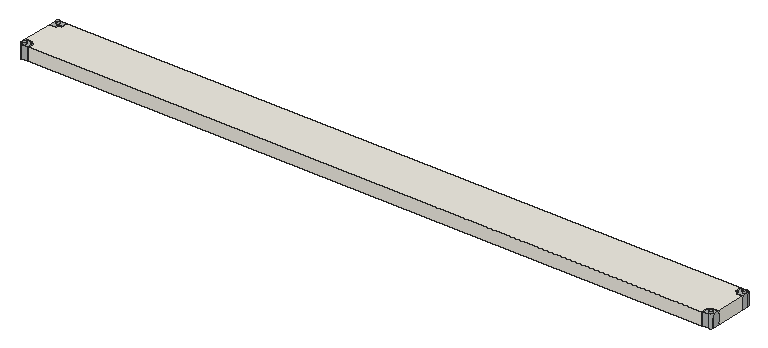
Revit family "HIGHTECH", category Осветительные приборы, Revit 2019 (continued)
Types (32, lengths in mm): name | Файл фотометрической сетки | built-in parameter 1150105 | Lumens | built-in parameter 1150106 | built-in parameter 1150142 | Wattage | Emit from Rectangle Width | Emit from Rectangle Length | Длина | Ширина | ADSK_Ток | ADSK_Полная мощность | ADSK_Обозначение | ADSK_Номинальная мощность | ADSK_Наименование | ADSK_Масса | ADSK_Код изделия
    .143 760.717 718.389 675.666 632.549 589.038 545.723 502.310 459.390 416.569 373.550 331.617 290.474 250.119 210.948 172.863 \r\n134.679 100.541 68.178 37.591 9.669 0.592 0.592 0.592 0.493 0.493 0.493 0.493 0.493 0.493 0.493 0.493 0.395 0.395 0.395 0.395 0.395 0.395 0.395 0.296 0.296 0.296 0.296 0.296 0.296 0.296 0.296 0.197 \r\n0.197 0.197 0.197 0.197 0.197 0.197 0.197 0.098 0.098 0.098 0.098 0.098 0.098 0.098 0.098 0.000 0.000 0.000 0.000 \r\n1417.637 1416.551 1412.309 1405.895 1396.621 1385.373 1371.559 1354.786 1336.237 1315.419 1292.232 1266.875 1239.742 1210.733 1179.851 1147.390 1113.942 1078.816 \r\n1042.310 1004.521 966.238 926.279 886.121 844.879 803.834 761.408 719.080 676.357 633.240 589.728 546.315 502.902 459.982 417.062 374.043 332.110 290.967 250.513 211.343 173.258 \r\n135.074 100.837 68.376 37.888 9.965 0.592 0.592 0.592 0.493 0.493 0.493 0.493 0.493 0.493 0.493 0.493 0.395 0.395 0.395 0.395 0.395 0.395 0.395 0.296 0.296 0.296 0.296 0.296 0.296 0.296 0.296 0.197 \r\n0.197 0.197 0.197 0.197 0.197 0.197 0.197 0.098 0.098 0.098 0.098 0.098 0.098 0.098 0.098 0.000 0.000 0.000 0.000 \r\n1417.637 1416.650 1412.407 1406.093 1396.917 1385.669 1371.954 1355.181 1336.632 1315.912 1292.725 1267.368 1240.334 1211.325 1180.443 1147.982 1114.633 1079.409 \r\n1042.903 1005.212 966.929 926.969 886.812 845.569 804.524 762.098 719.770 677.048 633.832 590.320 546.907 503.494 460.574 417.654 374.636 332.603 291.460 250.908 211.738 173.653 \r\n135.371 101.133 68.671 38.086 10.163 0.592 0.592 0.592 0.493 0.493 0.493 0.493 0.493 0.493 0.493 0.493 0.395 0.395 0.395 0.395 0.395 0.395 0.395 0.296 0.296 0.296 0.296 0.296 0.296 0.296 0.296 0.197 \r\n0.197 0.197 0.197 0.197 0.197 0.197 0.197 0.098 0.098 0.098 0.098 0.098 0.098 0.098 0.098 0.000 0.000 0.000 0.000 \r\n1417.637 1416.650 1412.506 1406.191 1397.114 1385.866 1372.250 1355.576 1337.027 1316.307 1293.218 1267.861 1240.827 1211.918 1181.035 1148.672 1115.225 1080.099 \r\n1043.593 1005.902 967.620 927.660 887.503 846.260 805.215 762.789 720.461 677.739 634.523 591.011 547.598 504.086 461.166 418.247 375.129 333.098 291.855 251.401 212.132 173.948 \r\n135.666 101.429 68.968 38.381 10.360 0.592 0.592 0.592 0.493 0.493 0.493 0.493 0.493 0.493 0.493 0.493 0.395 0.395 0.395 0.395 0.395 0.395 0.395 0.296 0.296 0.296 0.296 0.296 0.296 0.296 0.296 0.197 \r\n0.197 0.197 0.197 0.197 0.197 0.197 0.197 0.098 0.098 0.098 0.098 0.098 0.098 0.098 0.098 0.000 0.000 0.000 0.000 \r\n1417.637 1416.650 1412.604 1406.389 1397.311 1386.162 1372.546 1355.871 1337.421 1316.701 1293.613 1268.355 1241.320 1212.411 1181.627 1149.265 1115.816 1080.691 \r\n1044.284 1006.593 968.212 928.351 888.194 846.951 805.906 763.479 721.151 678.429 635.213 591.702 548.190 504.777 461.758 418.740 375.721 333.591 292.348 251.796 212.527 174.343 \r\n135.962 101.627 69.165 38.579 10.557 0.592 0.592 0.592 0.493 0.493 0.493 0.493 0.493 0.493 0.493 0.395 0.395 0.395 0.395 0.395 0.395 0.395 0.395 0.296 0.296 0.296 0.296 0.296 0.296 0.296 0.296 0.197 \r\n0.197 0.197 0.197 0.197 0.197 0.197 0.197 0.098 0.098 0.098 0.098 0.098 0.098 0.098 0.098 0.000 0.000 0.000 0.000 \r\n1417.637 1416.749 1412.704 1406.586 1397.607 1386.458 1372.941 1356.266 1337.815 1317.095 1294.106 1268.848 1241.813 1213.003 1182.219 1149.856 1116.409 1081.382 \r\n1044.876 1007.283 968.902 929.042 888.885 847.642 806.597 764.170 721.843 679.120 635.806 592.293 548.881 505.368 462.351 419.332 376.214 334.084 292.841 252.191 212.922 174.738 \r\n136.357 101.922 69.461 38.776 10.853 0.592 0.592 0.592 0.493 0.493 0.493 0.493 0.493 0.493 0.493 0.395 0.395 0.395 0.395 0.395 0.395 0.395 0.395 0.296 0.296 0.296 0.296 0.296 0.296 0.296 0.296 0.197 \r\n0.197 0.197 0.197 0.197 0.197 0.197 0.197 0.098 0.098 0.098 0.098 0.098 0.098 0.098 0.098 0.000 0.000 0.000 0.000 \r\n1417.637 1416.749 1412.802 1406.684 1397.805 1386.754 1373.237 1356.661 1338.210 1317.589 1294.599 1269.341 1242.406 1213.496 1182.811 1150.448 1117.099 1081.974 \r\n1045.566 1007.974 969.593 929.732 889.575 848.333 807.287 764.861 722.533 679.712 636.496 592.985 549.472 505.960 462.942 419.825 376.707 334.577 293.236 252.684 213.317 175.034 \r\n136.652 102.218 69.659 39.072 11.051 0.592 0.592 0.592 0.493 0.493 0.493 0.493 0.493 0.493 0.493 0.395 0.395 0.395 0.395 0.395 0.395 0.395 0.395 0.296 0.296 0.296 0.296 0.296 0.296 0.296 0.296 0.197 \r\n0.197 0.197 0.197 0.197 0.197 0.197 0.197 0.098 0.098 0.098 0.098 0.098 0.098 0.098 0.098 0.000 0.000 0.000 0.000 \r\n1417.637 1416.848 1412.901 1406.882 1398.002 1387.051 1373.533 1356.957 1338.605 1317.983 1294.994 1269.834 1242.899 1214.089 1183.403 1151.041 1117.692 1082.665 \r\n1046.257 1008.566 970.284 930.423 890.266 849.121 807.978 765.552 723.224 680.403 637.187 593.675 550.163 506.553 463.534 420.416 377.300 335.071 293.729 253.079 213.712 175.429 \r\n136.949 102.515 69.954 39.269 11.248 0.592 0.592 0.592 0.493 0.493 0.493 0.493 0.493 0.493 0.493 0.395 0.395 0.395 0.395 0.395 0.395 0.395 0.395 0.296 0.296 0.296 0.296 0.296 0.296 0.296 0.296 0.197 \r\n0.197 0.197 0.197 0.197 0.197 0.197 0.197 0.098 0.098 0.098 0.098 0.098 0.098 0.098 0.098 0.000 0.000 0.000 0.000 \r\n1417.637 1416.848 1412.999 1407.079 1398.298 1387.247 1373.829 1357.352 1339.000 1318.378 1295.488 1270.327 1243.392 1214.680 1183.995 1151.731 1118.283 1083.257 \r\n1046.849 1009.257 970.975 931.113 891.055 849.813 808.668 766.242 723.914 681.093 637.779 594.266 550.755 507.145 464.126 421.009 377.793 335.564 294.222 253.474 214.105 175.823 \r\n137.343 102.810 70.250 39.467 11.445 0.592 0.592 0.592 0.493 0.493 0.493 0.493 0.493 0.493 0.493 0.395 0.395 0.395 0.395 0.395 0.395 0.395 0.395 0.296 0.296 0.296 0.296 0.296 0.296 0.296 0.296 0.197 \r\n0.197 0.197 0.197 0.197 0.197 0.197 0.197 0.098 0.098 0.098 0.098 0.098 0.098 0.098 0.098 0.000 0.000 0.000 0.000 \r\n1417.637 1416.946 1413.098 1407.178 1398.495 1387.544 1374.223 1357.747 1339.395 1318.773 1295.882 1270.822 1243.886 1215.174 1184.587 1152.323 1118.974 1083.848 \r\n1047.540 1009.947 971.665 931.903 891.746 850.503 809.359 766.933 724.507 681.784 638.470 594.958 551.445 507.836 464.718 421.502 378.287 336.057 294.617 253.967 214.500 176.119 \r\n137.640 103.106 70.447 39.762 11.741 0.592 0.592 0.592 0.493 0.493 0.493 0.493 0.493 0.493 0.493 0.395 0.395 0.395 0.395 0.395 0.395 0.395 0.395 0.296 0.296 0.296 0.296 0.296 0.296 0.296 0.296 0.197 \r\n0.197 0.197 0.197 0.197 0.197 0.197 0.197 0.098 0.098 0.098 0.098 0.098 0.098 0.098 0.098 0.000 0.000 0.000 0.000 \r\n1417.637 1416.946 1413.197 1407.376 1398.693 1387.839 1374.520 1358.042 1339.789 1319.168 1296.376 1271.315 1244.477 1215.765 1185.179 1152.915 1119.566 1084.539 \r\n1048.230 1010.638 972.356 932.594 892.436 851.194 810.050 767.623 725.197 682.474 639.160 595.649 552.038 508.427 465.310 422.094 378.878 336.550 295.111 254.362 214.895 176.514 \r\n137.935 103.403 70.744 39.960 11.939 0.592 0.592 0.592 0.493 0.493 0.493 0.493 0.493 0.493 0.493 0.395 0.395 0.395 0.395 0.395 0.395 0.395 0.395 0.296 0.296 0.296 0.296 0.296 0.296 0.296 0.296 0.197 \r\n0.197 0.197 0.197 0.197 0.197 0.197 0.197 0.098 0.098 0.098 0.098 0.098 0.098 0.098 0.098 0.000 0.000 0.000 0.000 \r\n1417.637 1417.044 1413.295 1407.474 1398.890 1388.135 1374.815 1358.437 1340.184 1319.661 1296.869 1271.808 1244.971 1216.258 1185.673 1153.507 1120.158 1085.131 \r\n1048.823 1011.329 973.046 933.284 893.127 851.884 810.741 768.314 725.888 683.165 639.752 596.240 552.728 509.019 465.902 422.686 379.371 337.044 295.505 254.757 215.388 176.909 \r\n138.232 103.698 70.942 40.157 12.136 0.592 0.592 0.592 0.493 0.493 0.493 0.493 0.493 0.493 0.493 0.395 0.395 0.395 0.395 0.395 0.395 0.395 0.395 0.296 0.296 0.296 0.296 0.296 0.296 0.296 0.296 0.197 \r\n0.197 0.197 0.197 0.197 0.197 0.197 0.197 0.098 0.098 0.098 0.098 0.098 0.098 0.098 0.098 0.000 0.000 0.000 0.000 \r\n1417.637 1417.044 1413.394 1407.671 1399.187 1388.333 1375.111 1358.832 1340.578 1320.056 1297.264 1272.301 1245.464 1216.851 1186.264 1154.099 1120.849 1085.822 \r\n1049.513 1012.020 973.737 933.975 893.818 852.575 811.432 769.004 726.578 683.855 640.443 596.930 553.321 509.611 466.494 423.180 379.964 337.537 295.999 255.250 215.783 177.304 \r\n138.626 103.994 71.237 40.453 12.333 0.592 0.592 0.592 0.493 0.493 0.493 0.493 0.493 0.493 0.493 0.395 0.395 0.395 0.395 0.395 0.395 0.395 0.395 0.296 0.296 0.296 0.296 0.296 0.296 0.296 0.296 0.197 \r\n0.197 0.197 0.197 0.197 0.197 0.197 0.197 0.098 0.098 0.098 0.098 0.098 0.098 0.098 0.098 0.000 0.000 0.000 0.000 \r\n1417.637 1417.143 1413.492 1407.869 1399.383 1388.629 1375.506 1359.226 1340.973 1320.451 1297.757 1272.795 1246.056 1217.443 1186.856 1154.790 1121.441 1086.414 \r\n1050.204 1012.711 974.428 934.665 894.508 853.365 812.122 769.695 727.269 684.448 641.134 597.523 554.011 510.203 467.086 423.772 380.457 338.031 296.492 255.645 216.178 177.599 \r\n138.922 104.291 71.533 40.650 12.629 0.592 0.592 0.592 0.493 0.493 0.493 0.493 0.493 0.493 0.493 0.395 0.395 0.395 0.395 0.395 0.395 0.395 0.395 0.296 0.296 0.296 0.296 0.296 0.296 0.296 0.296 0.197 \r\n0.197 0.197 0.197 0.197 0.197 0.197 0.197 0.098 0.098 0.098 0.098 0.098 0.098 0.098 0.098 0.000 0.000 0.000 0.000 \r\n1417.637 1417.143 1413.592 1407.967 1399.580 1388.925 1375.803 1359.523 1341.367 1320.845 1298.250 1273.288 1246.550 1217.936 1187.448 1155.382 1122.032 1087.105 \r\n1050.894 1013.401 975.119 935.356 895.199 854.055 812.813 770.386 727.959 685.138 641.725 598.213 554.603 510.795 467.678 424.265 380.951 338.524 296.887 256.038 216.573 177.994 \r\n139.218 104.586 71.730 40.848 12.826 0.592 0.592 0.493 0.493 0.493 0.493 0.493 0.493 0.493 0.493 0.395 0.395 0.395 0.395 0.395 0.395 0.395 0.395 0.296 0.296 0.296 0.296 0.296 0.296 0.296 0.296 0.197 \r\n0.197 0.197 0.197 0.197 0.197 0.197 0.197 0.098 0.098 0.098 0.098 0.098 0.098 0.098 0.098 0.000 0.000 0.000 0.000 \r\n1417.637 1417.242 1413.690 1408.165 1399.877 1389.220 1376.098 1359.917 1341.762 1321.339 1298.645 1273.781 1247.043 1218.528 1188.041 1155.974 1122.723 1087.697 \r\n1051.487 1013.993 975.810 936.046 895.889 854.746 813.503 771.077 728.650 685.829 642.416 598.904 555.294 511.486 468.270 424.857 381.542 339.018 297.380 256.533 216.967 178.389 \r\n139.613 104.882 72.026 41.143 13.024 0.592 0.592 0.493 0.493 0.493 0.493 0.493 0.493 0.493 0.493 0.395 0.395 0.395 0.395 0.395 0.395 0.395 0.395 0.296 0.296 0.296 0.296 0.296 0.296 0.296 0.296 0.197 \r\n0.197 0.197 0.197 0.197 0.197 0.197 0.197 0.098 0.098 0.098 0.098 0.098 0.098 0.098 0.098 0.000 0.000 0.000 0.000 \r\n1417.637 1417.242 1413.789 1408.362 1400.075 1389.517 1376.394 1360.311 1342.157 1321.733 1299.138 1274.274 1247.536 1219.022 1188.632 1156.566 1123.315 1088.388 \r\n1052.177 1014.684 976.500 936.738 896.581 855.436 814.194 771.768 729.341 686.519 643.107 599.496 555.885 512.078 468.862 425.449 382.035 339.511 297.873 256.926 217.362 178.685 \r\n139.909 105.079 72.223 41.341 13.221 0.592 0.592 0.493 0.493 0.493 0.493 0.493 0.493 0.493 0.493 0.395 0.395 0.395 0.395 0.395 0.395 0.395 0.395 0.296 0.296 0.296 0.296 0.296 0.296 0.296 0.296 0.197 \r\n0.197 0.197 0.197 0.197 0.197 0.197 0.197 0.098 0.098 0.098 0.098 0.098 0.098 0.098 0.098 0.000 0.000 0.000 0.000 \r\n1417.637 1417.341 1413.986 1408.461 1400.271 1389.715 1376.789 1360.608 1342.552 1322.128 1299.632 1274.768 1248.128 1219.614 1189.224 1157.256 1123.907 1088.980 \r\n1052.868 1015.374 977.191 937.428 897.369 856.127 814.884 772.458 730.032 687.211 643.698 600.187 556.577 512.670 469.454 425.942 382.529 340.004 298.268 257.321 217.756 179.080 \r\n140.204 105.376 72.520 41.538 13.517 0.592 0.592 0.493 0.493 0.493 0.493 0.493 0.493 0.493 0.493 0.395 0.395 0.395 0.395 0.395 0.395 0.395 0.395 0.296 0.296 0.296 0.296 0.296 0.296 0.296 0.296 0.197 \r\n0.197 0.197 0.197 0.197 0.197 0.197 0.197 0.098 0.098 0.098 0.098 0.098 0.098 0.098 0.098 0.000 0.000 0.000 0.000 \r\n1417.637 1417.341 1414.085 1408.658 1400.568 1390.010 1377.085 1361.002 1342.947 1322.522 1300.026 1275.261 1248.621 1220.205 1189.817 1157.849 1124.598 1089.670 \r\n1053.460 1016.065 977.881 938.119 898.060 856.917 815.575 773.149 730.722 687.901 644.390 600.877 557.168 513.262 470.046 426.534 383.121 340.497 298.761 257.814 218.151 179.473 \r\n140.501 105.672 72.816 41.835 13.714 0.592 0.592 0.493 0.493 0.493 0.493 0.493 0.493 0.493 0.493 0.395 0.395 0.395 0.395 0.395 0.395 0.395 0.395 0.296 0.296 0.296 0.296 0.296 0.296 0.296 0.296 0.197 \r\n0.197 0.197 0.197 0.197 0.197 0.197 0.197 0.098 0.098 0.098 0.098 0.098 0.098 0.098 0.098 0.000 0.000 0.000 0.000 \r\n1417.637 1417.439 1414.183 1408.855 1400.765 1390.306 1377.381 1361.397 1343.341 1323.015 1300.520 1275.656 1249.114 1220.699 1190.408 1158.440 1125.190 1090.262 \r\n1054.151 1016.755 978.473 938.809 898.750 857.607 816.266 773.839 731.413 688.592 645.080 601.469 557.859 513.854 470.638 427.126 383.615 340.990 299.254 258.209 218.546 179.770 \r\n140.896 105.967 73.013 42.031 13.912 0.592 0.592 0.493 0.493 0.493 0.493 0.493 0.493 0.493 0.493 0.395 0.395 0.395 0.395 0.395 0.395 0.395 0.395 0.296 0.296 0.296 0.296 0.296 0.296 0.296 0.296 0.197 \r\n0.197 0.197 0.197 0.197 0.197 0.197 0.197 0.098 0.098 0.098 0.098 0.098 0.098 0.098 0.098 0.000 0.000 0.000 0.000 \r\n1417.637 1417.439 1414.282 1408.954 1400.963 1390.603 1377.677 1361.792 1343.735 1323.410 1301.014 1276.149 1249.608 1221.291 1191.000 1159.032 1125.782 1090.953 \r\n1054.841 1017.446 979.164 939.500 899.442 858.298 816.957 774.530 732.103 689.184 645.672 602.160 558.451 514.446 471.230 427.619 384.108 341.484 299.649 258.604 218.940 180.165 \r\n141.191 106.264 73.309 42.229 14.208 0.592 0.592 0.493 0.493 0.493 0.493 0.493 0.493 0.493 0.493 0.395 0.395 0.395 0.395 0.395 0.395 0.395 0.395 0.296 0.296 0.296 0.296 0.296 0.296 0.296 0.296 0.197 \r\n0.197 0.197 0.197 0.197 0.197 0.197 0.197 0.098 0.098 0.098 0.098 0.098 0.098 0.098 0.098 0.000 0.000 0.000 0.000 \r\n1417.637 1417.538 1414.380 1409.152 1401.258 1390.898 1378.072 1362.087 1344.130 1323.805 1301.408 1276.643 1250.200 1221.784 1191.593 1159.625 1126.374 1091.545 \r\n1055.433 1018.137 979.855 940.290 900.133 858.988 817.647 775.221 732.794 689.875 646.362 602.851 559.043 515.137 471.822 428.212 384.700 341.977 300.142 259.097 219.335 180.559 \r\n141.487 106.560 73.506 42.525 14.405 0.592 0.592 0.493 0.493 0.493 0.493 0.493 0.493 0.493 0.493 0.395 0.395 0.395 0.395 0.395 0.395 0.395 0.395 0.296 0.296 0.296 0.296 0.296 0.296 0.296 0.296 0.197 \r\n0.197 0.197 0.197 0.197 0.197 0.197 0.197 0.098 0.098 0.098 0.098 0.098 0.098 0.098 0.098 0.000 0.000 0.000 0.000 \r\n1417.637 1417.538 1414.480 1409.250 1401.456 1391.096 1378.367 1362.482 1344.525 1324.200 1301.902 1277.136 1250.693 1222.376 1192.184 1160.315 1127.064 1092.235 \r\n1056.124 1018.828 980.545 940.980 900.823 859.679 818.338 776.010 733.485 690.565 647.054 603.443 559.734 515.728 472.414 428.705 385.193 342.470 300.537 259.492 219.730 180.856 \r\n141.882 106.855 73.802 42.723 14.602 0.592 0.592 0.493 0.493 0.493 0.493 0.493 0.493 0.493 0.493 0.395 0.395 0.395 0.395 0.395 0.395 0.395 0.395 0.296 0.296 0.296 0.296 0.296 0.296 0.296 0.296 0.197 \r\n0.197 0.197 0.197 0.197 0.197 0.197 0.197 0.098 0.098 0.098 0.098 0.098 0.098 0.098 0.098 0.000 0.000 0.000 0.000 \r\n1417.637 1417.637 1414.578 1409.447 1401.653 1391.391 1378.663 1362.877 1344.920 1324.693 1302.395 1277.630 1251.187 1222.968 1192.678 1160.908 1127.657 1092.827 \r\n1056.814 1019.419 981.236 941.671 901.514 860.369 819.028 776.701 734.175 691.256 647.645 604.133 560.326 516.320 473.006 429.297 385.785 342.963 301.030 259.887 220.125 181.249 \r\n142.178 107.152 74.099 42.920 14.800 0.592 0.592 0.493 0.493 0.493 0.493 0.493 0.493 0.493 0.493 0.395 0.395 0.395 0.395 0.395 0.395 0.395 0.395 0.296 0.296 0.296 0.296 0.296 0.296 0.296 0.296 0.197 \r\n0.197 0.197 0.197 0.197 0.197 0.197 0.197 0.098 0.098 0.098 0.098 0.098 0.098 0.098 0.098 0.000 0.000 0.000 0.000 \r\n1417.637 1417.637 1414.677 1409.645 1401.851 1391.688 1378.960 1363.173 1345.314 1325.088 1302.790 1278.123 1251.680 1223.461 1193.269 1161.499 1128.249 1093.518 \r\n1057.406 1020.110 981.926 942.361 902.204 861.159 819.719 777.391 734.867 691.946 648.335 604.726 561.017 516.913 473.598 429.888 386.279 343.458 301.524 260.380 220.519 181.644 \r\n142.474 107
